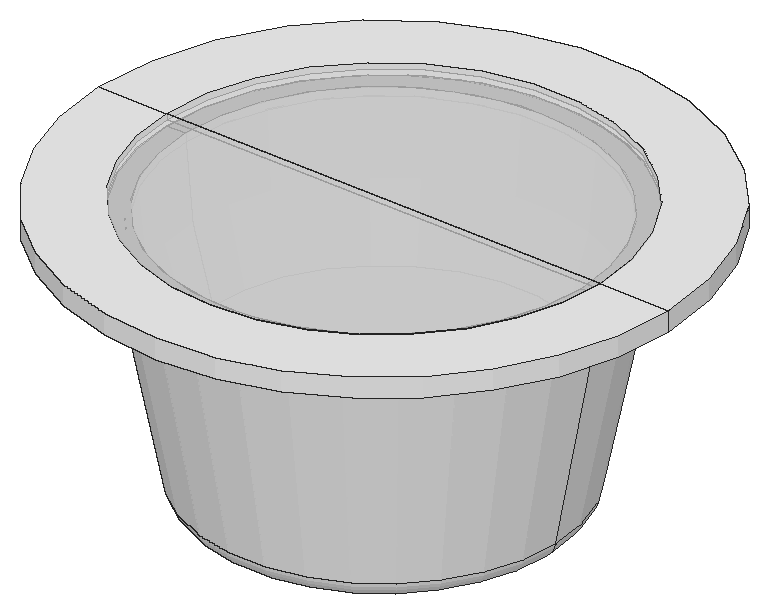
Revit family "2060542+2028036 Sylvania Lighting Fixture ASCENT 100 II ARCH 1000 3K DALI 160 with IP44 Frost Glass", category Lighting Fixtures, host Face, Revit 2016
Family settings
  Host = Face
  Part Type = Normal
  Round Connector Dimension = Use Diameter
  OmniClass Number = 23.80.70.11.17
  OmniClass Title = Specialized Lighting by Location or Use
  Cut with Voids When Loaded = No
  Light Source = Yes
  Shared = No
  Room Calculation Point = No
Parameters (values of type "2060542+2028036 ASCT100 II ARCH 1000 3K DALI 160 with IP44 Frost Glass")
  WidthBezelAcc_SYL = 25.0 mm
  Weight = "1.2 kg"
  Wattage = 7 W
  WarrantyStartDate [instance] = "n/a"
  WarrantyGuarantorParts = "n/a"
  WarrantyDurationUnit = "n/a"
  WarrantyDurationParts = "n/a"
  WarrantyDescription = "n/a"
  built-in parameter 1150110 = 1 (stored number, unit not read)
  Voltage = 0 V
  VisibilityAccessory_SYL = yes
  TypeName = "ASCENT 100 II ARCH 1000 3K DALI 160 with IP44 Frost Glass"
  built-in parameter 1114217 = 1 (stored number, unit not read)
  Tilt Angle = -90°
  built-in parameter 1150109 = 1 (stored number, unit not read)
  built-in parameter 1150134 = (empty or 0)
  built-in parameter 1150113 = 1 (stored number, unit not read)
  SerialNumber [instance] = "n/a"
  ReflectorRadius_SYL = Radius_SYL - 14.5 mm  # 80.0 mm
  RadiusAcc_SYL = 105.0 mm
  Radius_SYL = 94.5 mm
  URL = "http://www.sylvania-lighting.com"
  PowerFactor = 0
  PowerConsumption = "7 W"
  Photometric Web File = "2060542.ies"
  NominalWidth = 0.0 mm
  NominalLength = 0.0 mm
  NominalHeight = 94.0 mm
  Name = "ASCENT 100 II ARCH 1000 3K DALI 160 with IP44 Frost Glass"
  ModelReference = "ASCENT 100 II ARCH 1000 3K DALI 160 with IP44 Frost Glass"
  ModelNumber = "2060542+2028036"
  Material_4_SYL = none
  Material_3_SYL = Polycarbonate_Sylvania_Ascent_Opal
  Material_2_SYL = Aluminium_Sylvania_Ascent_Silver
  Material_1_SYL = Aluminum_Sylvania_Ascent_White
  Material = "aluminium housing, arcylic diffuser"
  ManufacturerName = "Feilo Sylvania"
  LuminousEfficacy = "138 lm/W"
  built-in parameter 1150105 = 76.872 (stored number, unit not read)
  Lumens = 966 lm
  LuminaireType = ""
  built-in parameter 1150115 = 1 (stored number, unit not read)
  LightOutputRatio = "100"
  built-in parameter 1150137 = (empty or 0)
  built-in parameter 1150139 = (empty or 0)
  LampsType = Lamp  # "LED"
  LampNominalLuminous = "968 lm"
  LampMacAdamStep = "3"
  LampColourTemperature = "3000 K"
  LampColourRenderingIndex = "80"
  built-in parameter 1150112 = 1 (stored number, unit not read)
  built-in parameter 1150114 = 1 (stored number, unit not read)
  Keynote = "16500"
  InstallationDate [instance] = "n/a"
  InputVoltage = "n/a"
  InputNominalFrequency = "n/a"
  built-in parameter 1150132 = (empty or 0)
  built-in parameter 1150102 = (empty or 0)
  built-in parameter 1150107 = 3000 (stored number, unit not read)
  built-in parameter 1150138 = (empty or 0)
  IngressProtection = "IP44"
  ImpactProtectionIndex = "IK02"
  built-in parameter 1150106 = 0.76872 (stored number, unit not read)
  IfcExportType = "IfcLightFixtureType"
  IfcExportAs = "IfcLightFixtureType"
  Height_SYL = 94.0 mm
  HeightAcc_SYL = 7.0 mm
  ExpectedLife = 50000
  EmittionSurface_SYL = if(VisibilityAccessory_SYL, 7.0 mm, 3.0 mm)  # 7.0 mm
  Emit from Circle Diameter = DiffuserRadius_SYL * 2  # 146.0 mm
  Emit Shape Visible in Rendering = no
  ElectricShockClassification = "Class II"
  built-in parameter 1150104 = 12.821 (stored number, unit not read)
  DurationUnit = "hours"
  DocumentationLiterature = "http://www.sylvania-lighting.com/product/en-int/products/2060542"
  DimmingControlOptions = "n/a"
  Dimming Lamp Color Temperature Shift = <None>
  DiffuserRadius_SYL = ReflectorRadius_SYL - 7.0 mm  # 73.0 mm
  Diameter_SYL = 2 * Radius_SYL  # 189.0 mm
  CutoutDiameter_SYL = Diameter_SYL - 13.0 mm  # 176.0 mm
  CreatedOn = "9/17/2018"
  CreatedBy = "@sylvania-lighting.com"
  Color Filter = 16777215
  built-in parameter 1114216 [instance] = 1 (stored number, unit not read)
  Model = "ASCENT 100 II ARCH 1000 3K DALI 160 with IP44 Frost Glass"
  Manufacturer = "Feilo Sylvania"
  Lamp = "LED"
  Description = "Direct LED retro fit for original LED 100 Arch (160) single CFL lamp offering Matching lumen levels and improved light distribution of original LED 100 CFL lamp equivalents Typically half the power consumption compared to CFL Up to 112lm/W 160mm aperture Architectural reflector accepts range of glass accessories from existing LED 100 Arch 160 offering HE, HO and VHO versions equivalent of single 1 x 18W, 1 x 32W, 1 x 42W\r\n Additional VVHO versions which offer the performance circa 2 x 32W equivalent"  # constant formula
  Default Elevation = 0.0 mm
  built-in parameter 1140040 [instance] = 1
  BarCode [instance] = "n/a"
  built-in parameter 1114218 = 1 (stored number, unit not read)
  built-in parameter 1150133 = 10 (stored number, unit not read)
  AssetType = "Fixed"
  AssetIdentifier [instance] = "n/a"
  Assembly Code = "D5020200"
  Apparent Load = 7 VA
  Aperture_SYL = 2 * ReflectorRadius_SYL  # 160.0 mm
Reference planes
  plane 1 "Center (Front/Back)": y = 0
  plane 2: z = 0
  plane 3 "Center (Left/Right)": x = 0
  plane 4 "Fixture Bottom": z = 3
  plane 5: z = -52.5
  plane 6 "Fixture Top": z = -91
  plane 7: x = -105
  plane 8: z = 7
  plane 9: x = -80
  plane 10: z = 5
  plane 11: x = -103
Forms (mm)
  Extrusion 1, solid, material "Aluminum_Sylvania_Ascent_White", detail levels fine
    sketch origin (0, 0, 0) x (1, 0, 0) y (0, 1, 0)
      loop
        circle (0, 0) r 94.5
      loop
        circle (0, 0) r 80
    from 0 to 3
  Extrusion 2, void
    sketch origin (0, 0, 0) x (1, 0, 0) y (0, 1, 0)
      loop
        circle (0, 0) r 88
    from -91 to 3
  Revolve 3, solid, material "Aluminum_Sylvania_Ascent_White" <- "Material_1_SYL", detail levels fine
    sketch origin (0, 0, 0) x (1, 0, 0) y (0, 0, 1)
      loop
        line (0, -91.073) -> (0, -89.023) -> (-55.468, -89.014)
        arc (-55.468, -89.014) -> (-59.352, -87.613) -> (-61.54, -84.139) r 6.307
        line (-61.54, -84.139) -> (-77.991, -2.844) -> (-77.991, 0) -> (-80, 0) -> (-80, -3) -> (-63.5, -84.536)
        arc (-63.5, -84.536) -> (-60.643, -89.203) -> (-55.5, -91.073) r 8.291
        line (-55.5, -91.073) -> (0, -91.073)
      axis (0, 0) -> (0, -91.073)
    angle from 0 to 360
  Revolve 4, solid, material "Aluminium_Sylvania_Ascent_Silver" <- "Material_2_SYL", detail levels fine
    sketch origin (0, 0, 0) x (1, 0, 0) y (0, 0, 1)
      loop
        line (-80, 3) -> (-80, 0) -> (-75, 0)
        arc (-75, 0) -> (-72.349, -26.77) -> (-64.5, -52.5) r 136.5
        line (-64.5, -52.5) -> (-58, -52.5)
        arc (-58, -52.5) -> (-56.857, -61.521) -> (-53.5, -69.971) r 36.166
        line (-53.5, -69.971) -> (0, -69.971) -> (0, -50.5) -> (-63.16, -50.5)
        arc (-63.16, -50.5) -> (-70.517, -25.725) -> (-73, 0) r 134.5
        line (-73, 0) -> (-73, 3) -> (-80, 3)
      axis (0, 3) -> (0, -69.971)
    angle from 0 to 360
  Extrusion 5, solid, material "Polycarbonate_Sylvania_Ascent_Opal" <- "Material_3_SYL", detail levels fine
    sketch origin (0, 0, 0) x (1, 0, 0) y (0, 1, 0)
      loop
        circle (0, 0) r 73
    from 0 to 3
  Revolve 6, solid, material "Aluminum_Sylvania_Ascent_White" <- "Material_1_SYL", detail levels coarse+medium
    sketch origin (0, 0, 0) x (1, 0, 0) y (0, 0, 1)
      loop
        line (0, -91.073) -> (0, 3) -> (-94.5, 3) -> (-94.5, 0) -> (-79.5, 0) -> (-79.5, -3) -> (-63, -84.536)
        arc (-63, -84.536) -> (-60.143, -89.203) -> (-55, -91.073) r 8.291
        line (-55, -91.073) -> (0, -91.073)
      axis (0, 3) -> (0, -91.073)
    angle from 0 to 360
  Revolve 7, solid, material "Aluminum_Sylvania_Ascent_White" <- "Material_1_SYL", visible <- "VisibilityAccessory_SYL"
    sketch origin (0, 0, 0) x (1, 0, 0) y (0, 0, 1)
      loop
        line (-105, 0) -> (-103, 0) -> (-103, 5) -> (-80, 5) -> (-80, 7) -> (-105, 7) -> (-105, 0)
      axis (0, 7) -> (0, 0)
    angle from 0 to 360
  Revolve 8, solid, material "Polycarbonate_Sylvania_Ascent_Opal" <- "Material_3_SYL", visible <- "VisibilityAccessory_SYL"
    sketch origin (0, 0, 0) x (1, 0, 0) y (0, 0, 1)
      loop
        line (-80, 7) -> (-80, 5) -> (0, 5) -> (0, 7) -> (-80, 7)
      axis (0, 7) -> (0, 5)
    angle from 0 to 360
Lines and regions (mm)
  reference lines
    curve 1: line (-150, 0, 7) -> (125, 0, 7)
Dimensions and locks
  locked: plane 4 "Fixture Bottom" to plane 2 at 3
  "Height_SYL": plane 4 "Fixture Bottom" to plane 6 "Fixture Top"
  "ReflectorRadius_SYL": plane 3 "Center (Left/Right)" to Revolve 4 sketch curve
  locked: Revolve 4 sketch curve to Revolve 4 sketch curve at 15.5
  locked: Revolve 4 sketch curve to Revolve 4 sketch curve at 5
  locked: Revolve 4 sketch curve to Revolve 4 sketch curve at 7
  locked: Revolve 4 sketch curve to Revolve 4 sketch curve at 22
  locked: Revolve 4 sketch curve to Revolve 4 sketch curve at 26.5
  locked: Revolve 3 sketch curve to Revolve 3 sketch curve at 16.5
  locked: Revolve 3 sketch curve to Revolve 3 sketch curve at 24.5
  "ReflectorRadius_SYL": Revolve 3 sketch curve to plane 3 "Center (Left/Right)"
  locked: Revolve 3 sketch curve to plane 6 "Fixture Top" at 6.464
  locked: plane 2 to Revolve 3 sketch curve at 3
  locked: Revolve 3 sketch curve to Revolve 3 sketch curve at 2
  locked: Revolve 3 sketch curve to Revolve 3 sketch curve at 2.009
  locked: plane 2 to plane 5 at 52.5
  locked: Revolve 6 sketch curve to Revolve 6 sketch curve at 31.5
  locked: Revolve 6 sketch curve to Revolve 6 sketch curve at 39.5
  locked: Revolve 6 sketch curve to Revolve 6 sketch curve at 15
  "Radius_SYL": plane 3 "Center (Left/Right)" to Revolve 6 sketch curve
  "RadiusAcc_SYL": plane 3 "Center (Left/Right)" to plane 7
  "HeightAcc_SYL": plane 8 to level
  "WidthBezelAcc_SYL": plane 7 to plane 9
  locked: plane 7 to plane 11 at 2
  locked: plane 8 to plane 10 at 2
  "EmittionSurface_SYL": curve 1 to level
  "CutoutDiameter_SYL": diameter of Extrusion 2 sketch curve
  "ReflectorRadius_SYL": radius of Extrusion 1 sketch curve
  "DiffuserRadius_SYL": radius of Extrusion 5 sketch curve
  "Radius_SYL": radius of Extrusion 1 sketch curve
  aligned and locked: host face to plane 2
  aligned and locked: host face to level
  aligned and locked: plane 4 "Fixture Bottom" to Extrusion 1
  aligned and locked: Extrusion 1 to plane 2
  aligned and locked: Revolve 3 sketch curve to plane 3 "Center (Left/Right)"
  aligned and locked: Revolve 4 sketch curve to plane 3 "Center (Left/Right)"  (x2)
  aligned and locked: plane 4 "Fixture Bottom" to Revolve 4 sketch curve
  aligned and locked: Extrusion 5 to plane 2
  aligned and locked: plane 2 to Revolve 3 sketch curve  (x2)
  aligned and locked: Revolve 6 sketch curve to plane 3 "Center (Left/Right)"
  aligned and locked: plane 6 "Fixture Top" to Extrusion 2
  aligned and locked: Revolve 7 sketch curve to plane 3 "Center (Left/Right)"
  aligned and locked: host face to Revolve 7 sketch curve  (x2)
  aligned and locked: Revolve 7 sketch curve to plane 7
  aligned and locked: plane 8 to Revolve 7 sketch curve
  aligned and locked: plane 9 to Revolve 7 sketch curve
  aligned and locked: Revolve 7 sketch curve to plane 10
  aligned and locked: plane 11 to Revolve 7 sketch curve
  aligned and locked: Revolve 7 to Revolve 8 sketch curve
  aligned and locked: Revolve 8 sketch curve to Revolve 7  (x2)
  aligned and locked: Revolve 8 sketch curve to plane 3 "Center (Left/Right)"  (x2)
  aligned and locked: plane 3 "Center (Left/Right)" to imposter light
  aligned and locked: imposter light to plane 1 "Center (Front/Back)"
  aligned and locked: imposter light to curve 1
Automatic sketch dimensions
  plane 1 "Center (Front/Back)" to Extrusion 2 sketch curve = 0.0 mm
  Extrusion 2 sketch curve to plane 3 "Center (Left/Right)" = 0.0 mm
  Extrusion 1 sketch curve to Extrusion 1 sketch curve = 0.0 mm  (x2)
  plane 1 "Center (Front/Back)" to Extrusion 1 sketch curve = 0.0 mm
  Extrusion 1 sketch curve to plane 3 "Center (Left/Right)" = 0.0 mm
  plane 6 "Fixture Top" to Revolve 3 sketch curve = 0.073 mm
  Revolve 3 sketch curve to plane 6 "Fixture Top" = 6.861 mm
  Revolve 3 sketch curve to Revolve 3 sketch curve = 0.003 mm
  Revolve 3 sketch curve to Revolve 3 sketch curve = 0.009 mm  (x2)
  Revolve 3 sketch curve to Revolve 3 sketch curve = 0.023 mm
  Revolve 3 sketch curve to Revolve 3 sketch curve = 0.072 mm
  Revolve 3 sketch curve to Revolve 3 sketch curve = 0.008 mm
  Revolve 3 sketch curve to plane 6 "Fixture Top" = 1.977 mm
  Revolve 3 sketch curve to Revolve 3 sketch curve = 33.496 mm
  Revolve 3 sketch curve to Revolve 3 sketch curve = 0.028 mm
  plane 4 "Fixture Bottom" to Revolve 3 sketch curve = 82.431 mm
  Revolve 4 sketch curve to Revolve 4 sketch curve = 0.0 mm  (x2)
  Revolve 4 sketch curve to plane 5 = 0.0 mm
  Revolve 4 sketch curve to level = 0.0 mm
  plane 5 to Revolve 4 sketch curve = 2.0 mm
  plane 4 "Fixture Bottom" to Revolve 4 sketch curve = 9.642 mm
  plane 1 "Center (Front/Back)" to Extrusion 5 sketch curve = 0.0 mm
  Extrusion 5 sketch curve to plane 3 "Center (Left/Right)" = 0.0 mm
  Revolve 4 sketch curve to level = 69.971 mm
  Revolve 4 sketch curve to Revolve 4 sketch curve = 2.387 mm
  Revolve 6 sketch curve to level = 0.0 mm
  Revolve 6 sketch curve to plane 3 "Center (Left/Right)" = 0.0 mm
  Revolve 6 sketch curve to Revolve 6 sketch curve = 8.104 mm
  Revolve 6 sketch curve to level = 3.0 mm
  Revolve 6 sketch curve to plane 6 "Fixture Top" = 6.464 mm
  plane 6 "Fixture Top" to Revolve 6 sketch curve = 0.073 mm
  Revolve 6 sketch curve to Revolve 6 sketch curve = 33.496 mm
  plane 4 "Fixture Bottom" to Revolve 6 sketch curve = 82.431 mm
  host sketch curve to host sketch curve = 1704.996 mm
  host sketch curve to host sketch curve = 1500.0 mm
  plane 6 "Fixture Top" to Revolve 7 sketch curve = 281.274 mm
  Revolve 7 sketch curve to plane 8 = 1140.706 mm
  plane 6 "Fixture Top" to Revolve 8 sketch curve = 281.274 mm
  Revolve 8 sketch curve to Revolve 8 sketch curve = 1140.706 mm
  Revolve 3 sketch curve to plane 3 "Center (Left/Right)" = 0.0 mm
  Revolve 6 sketch curve to plane 4 "Fixture Bottom" = 0.0 mm
  plane 7 to curve 1 = 45.0 mm
  plane 3 "Center (Left/Right)" to curve 1 = 125.0 mm
Connectors
  electrical at (0, 0, -91.073), driven by "Apparent Load"
    settings: on Revolve 3, index 1, voltage 240 V, apparent load 0 VA, apparent load phase1 7 VA, apparent load phase2 0 VA, apparent load phase3 0 VA, power factor 1, load classification "Lighting", number of poles 1, system type 31, power factor state 1, is connector primary yes, connector utility no, sub classification motor no, connector description ""
